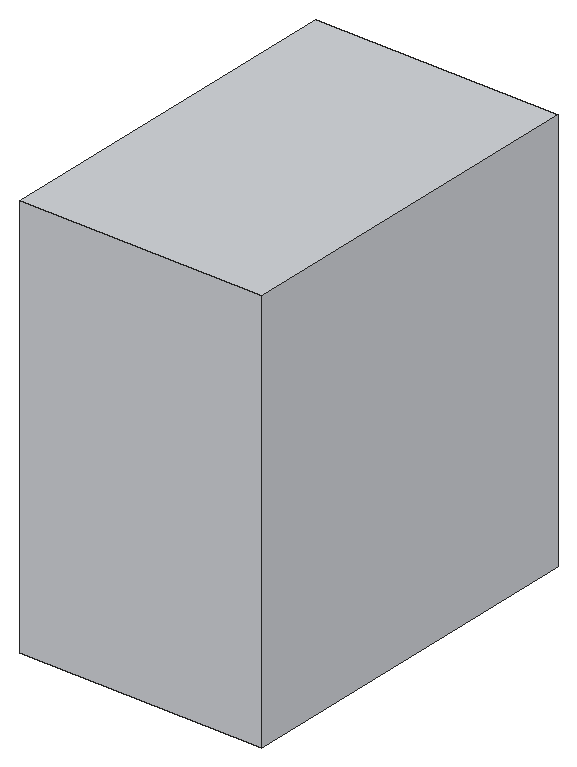
Revit family
Parameters
  Warranty Duration (Years) = 0
  Unit Width [instance] = 1' - 4 1/16"
  Unit Height [instance] = 3' - 5 1/4"
  Unit Depth = 0' - 0 15/16"
  URL = "http://www.americanspecialties.com/viewCategories.cfm"
  Trim Material = Metal - Stainless Steel
  Test Data = ""
  Specification = "http://www.arcat.com/sdspecs/htm/10810asi.htm"
  SpecWizard = ""
  Send Message = "http://www.arcat.com/users.pl?action=UserEmail&company=American%20Specialties,%20Inc.&coid=30448&rep=139&fax=914-476-0688&mf="
  Sales Information = "http://www.americanspecialties.com/contact"
  Revision = "R1_10-2010"
  Product Properties = "http://www.americanspecialties.com/datasheets/94696A-9.pdf"
  Product Data = "http://www.arcat.com/arcatcos/cos30/arc30448.html"
  Model = "As Specified in 10 28 13"
  Manufacturer Website = "http://www.americanspecialties.com/viewCategories.cfm"
  Manufacturer Phone - Toll Free = ""
  Manufacturer Phone = "914-476-9000 "
  Manufacturer Fax = "914-476-0688"
  Manufacturer Address = "441 Saw Mill River Rd., Yonkers, NY 10701"
  Manufacturer = "American Specialties, Inc."
  Maintenance Schedule (Months) = 0
  Keynote = "10 28 13"
  Installation-Fabrication = "http://www.americanspecialties.com/products.cfm"
  Green Building-LEED = ""
  Expected Lifespan (Years) = 0
  Drawn By = "Robert S. Weygant. CSI, CDT, SCIP"  # constant formula
  Description = "Toilet Accessory as Specified in 10 28 13"
  Default Elevation = 4' - 0"
  Copyright = "©Arcat Inc."
  Construction Details = "http://www.arcat.com/green/clients/leed_data_30448.html"
  Building Codes = "http://www.americanspecialties.com/products.cfm"
  Body Material = Metal - Stainless Steel
  Assembly Code = "C1030210"
Reference planes (in)
  plane 1 "Center (Front/Back)": y = -0.29112
  plane 2 "Floor Line": z = 0
  plane 3 "Center (Left/Right)": x = -0.65843
Forms (in)
  Extrusion 1, solid
    sketch origin (-3, -9, -6) x (0, 0, -1) y (1, 0, 0)
      loop
        line (-82, 26) -> (-82, -19.34712) -> (-6, -19.34712) -> (-6, 26) -> (-82, 26)
    from 28.29112 to -41.06337
  Extrusion 2, solid, material "Metal - Stainless Steel" <- "Body Material"
    sketch origin (0, 0, 0) x (1, 0, 0) y (0, 1, 0)
      loop
        line (-5.68968, 6.70888) -> (-5.68968, 4.20888) -> (4.37282, 4.20888) -> (4.37282, 6.70888) -> (-5.68968, 6.70888)
      loop
        line (-5.43968, 6.45888) -> (-5.43968, 4.95888) -> (4.12282, 4.95888) -> (4.12282, 6.45888) -> (-5.43968, 6.45888)
    from 0.875 to 9.75
  Extrusion 3, solid, material "Metal - Stainless Steel" <- "Body Material"
    sketch origin (0, 0, 9.75) x (1, 0, 0) y (0, 1, 0)
      loop
        line (-7.68968, 19.33388) -> (-7.68968, -19.91612) -> (6.37282, -19.91612) -> (6.37282, 19.33388) -> (-7.68968, 19.33388)
    from 0 to -9.75
  Extrusion 4, solid, material "Metal - Stainless Steel" <- "Body Material"
    sketch origin (-0.90625, -0.29112, 9.75) x (1, 0, 0) y (0, 0, 1)
      loop
        line (-7.78343, 0) -> (8.27907, 0) -> (8.27907, 0.1875)
        arc (8.27907, 0.1875) -> (8.0594, 0.71783) -> (7.52907, 0.9375) r 0.75
        line (7.52907, 0.9375) -> (-7.03343, 0.9375)
        arc (-7.03343, 0.9375) -> (-7.56376, 0.71783) -> (-7.78343, 0.1875) r 0.75
        line (-7.78343, 0.1875) -> (-7.78343, 0)
    from -20.625 to 20.625
  Extrusion 5, solid, material "Metal - Stainless Steel" <- "Trim Material"
    sketch origin (0, 0, 9.75) x (1, 0, 0) y (0, 1, 0)
      loop
        circle (5.37282, 11.83388) r 0.5
      loop
        line (5.316, 11.41524) -> (5.42963, 11.41524) -> (5.42963, 12.26475) -> (5.316, 12.26475) -> (5.316, 11.41524)
      loop
        circle (5.37282, -12.41612) r 0.5
      loop
        line (5.316, -11.99747) -> (5.316, -12.84698) -> (5.42963, -12.84698) -> (5.42963, -11.99747) -> (5.316, -11.99747)
    from 0.9375 to 1
  Extrusion 6, void
    sketch origin (0, 0, 9.75) x (1, 0, 0) y (0, 1, 0)
      loop
        arc (-5.93968, 6.70888) -> (-6.47001, 6.48921) -> (-6.68968, 5.95888) r 0.75
        line (-6.68968, 5.95888) -> (-6.68968, -1.04112)
        arc (-6.68968, -1.04112) -> (-6.47001, -1.57145) -> (-5.93968, -1.79112) r 0.75
        line (-5.93968, -1.79112) -> (4.62282, -1.79112)
        arc (4.62282, -1.79112) -> (5.15315, -1.57145) -> (5.37282, -1.04112) r 0.75
        line (5.37282, -1.04112) -> (5.37282, 5.95888)
        arc (5.37282, 5.95888) -> (5.15315, 6.48921) -> (4.62282, 6.70888) r 0.75
        line (4.62282, 6.70888) -> (-5.93968, 6.70888)
    from -8.875 to 0.9375
  Extrusion 7, solid, material "Metal - Stainless Steel" <- "Body Material"
    sketch origin (0, 0, 0) x (1, 0, 0) y (0, 1, 0)
      loop
        line (-8.68968, 20.33388) -> (-8.68968, -20.91612) -> (7.37282, -20.91612) -> (7.37282, 20.33388) -> (-8.68968, 20.33388)
      loop
        line (-7.68968, 19.33388) -> (-7.68968, -19.91612) -> (6.37282, -19.91612) -> (6.37282, 19.33388) -> (-7.68968, 19.33388)
    from 0 to 9.75
Cuts and joins
  Extrusion 6 cuts Extrusion 3
  Extrusion 6 cuts Extrusion 4
  Extrusion 6 cuts Extrusion 5
Dimensions and locks (in)
  Extrusion 4 sketch curve to Extrusion 4 sketch curve = 1' - 4 1/16"
  Extrusion 4 sketch curve to Extrusion 4 sketch curve = 0' - 0 15/16"
  aligned and locked: Extrusion 1 to level
  aligned and locked: Extrusion 7 to Extrusion 2
